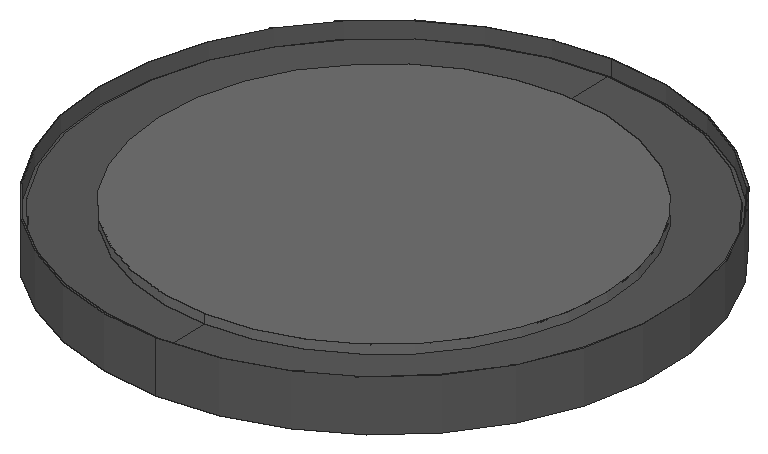
Revit family "Heater-Bromic-Eclipse-Electric-Ceiling-Mounted_AU", category Mechanical Equipment, host Face, Revit 2020
Family settings
  Host = Face
  Round Connector Dimension = Use Diameter
  Classification = None
  Part Type = Normal
  OmniClass Number = 23.75.10.14
  OmniClass Title = Independent Electric Heating Units
  Cut with Voids When Loaded = No
  Shared = No
  Room Calculation Point = No
Parameters (values of type "Eclipse Electric - Ceiling Mounted")
  visSingleStraightPole [instance] = MountTypeSelector < 4  # yes
  visRoundCeilingRose [instance] = not(MountTypeSelector = 4)  # yes
  calcSideClearances = 700.024 mm + 457.2 mm + 457.2 mm  # 1614.424 mm
  calcHostOffset [instance] = if(MountTypeSelector < 2, 203 mm, if(MountTypeSelector = 3, 1219 mm, 610 mm))  # 203 mm
  calcEngagementLength [instance] = if(MountTypeSelector < 3, 27 mm, if(MountTypeSelector = 4, 32 mm, 30.5 mm))  # 27 mm
  calcCeilingRoseDepth [instance] = if(MountTypeSelector > 4, 13 mm, 15 mm)  # 15 mm
  Wattage = 3000 W  # constant formula
  Voltage = 240 V
  ProductCode = "BH0920001-1"  # constant formula
  Product data url = "https://www.bimobject.com/bromic-heating/product/eclipse-smart-heat-electric"
  Power Factor = 1
  Mounting Type Info [instance] = if(MountTypeSelector = 1, "Eclipse 200mm Straight Pole", if(MountTypeSelector = 2, "Eclipse 600mm Straight Pole", if(MountTypeSelector = 3, "Eclipse 1200mm Straight Pole", if(MountTypeSelector = 4, "Eclipse 600mm Twin Pole", "Eclipse Curved Pole"))))  # "Eclipse 200mm Straight Pole"
  Mounting Type [instance] = Pole : Eclipse 200mm Straight Pole
  Material = Metal-Steel-Bromic-Black
  Height [instance] = if(MountTypeSelector < 2, 203.2 mm, if(MountTypeSelector = 3, 1219.2 mm, 609.6 mm))  # 203.2 mm
  Frequency = 60 Hz
  Diameter = 711.2 mm  # constant formula
  Approximate Heat Area = 11 m²  # constant formula
  Apparent Load = 3000 VA  # constant formula
  200mm Straight Pole_parameter = Pole : Eclipse 200mm Straight Pole
  1200mm Straight Pole_parameter = Pole : Eclipse 1200mm Straight Pole
  600mm Twin Pole_parameter = Pole : Eclipse 600mm Twin Pole
  600mm Straight Pole_parameter = Pole : Eclipse 600mm Straight Pole
  600mm Curved Pole_parameter = Pole : Eclipse Curved Pole
  Utility = no
  URL = "https://www.bromic.com.au/product/eclipse-smart-heat-electric/"
  SideClearance = 457.2 mm  # constant formula
  Show Clearance [instance] = no
  Number of Poles = 1
  MountTypeSelector [instance] = if([1 = 200mm Straight Pole], 1, if([2 = 600mm Straight Pole], 2, if([3 = 1200mm Straight Pole], 3, if([4 = 600mm Twin Pole], 4, 5))))  # 1
  Model = "Eclipse Smart-Heat™ Electric"  # constant formula
  Manufacturer = "Bromic Heating"  # constant formula
  Load Sub-Classification Motor = no
  Load Classification = Other
  FloorClearance = 2438.4 mm  # constant formula
  Description = "The Eclipse Smart-Heat Electric heater is equipped with 3 different heat outputs up to 2900W and a dimmable LED light railing. Available in six unique mounting options, the Eclipse Smart-Heat™ series adds style, warmth and light to design-focused outdoor spaces."  # constant formula
  Default Elevation = 0 mm
  Connector Description = ""
  5 = 600mm Curved Pole [instance] = Mounting Type = [600mm Curved Pole_parameter]  # no
  4 = 600mm Twin Pole [instance] = Mounting Type = [600mm Twin Pole_parameter]  # no
  3 = 1200mm Straight Pole [instance] = Mounting Type = [1200mm Straight Pole_parameter]  # no
  2 = 600mm Straight Pole [instance] = Mounting Type = [600mm Straight Pole_parameter]  # no
  1 = 200mm Straight Pole [instance] = Mounting Type = [200mm Straight Pole_parameter]  # yes
Reference planes
  plane 1 "Center (Front/Back)": y = 0
  plane 2: z = 0
  plane 3 "Center (Left/Right)": x = 0
  plane 4 "Heater": z = 92.5
  plane 5: z = 15
  plane 6: z = 119.5
  plane 7: z = 203
  plane 8: z = 38.5
  plane 9: z = 2641.4
  plane 10: x = 807.212
  plane 11: x = -807.212
  plane 12: y = 807.212
  plane 13: y = -807.212
Forms (mm)
  Extrusion 1, solid, material "Metal-Steel-Bromic-Black" <- "Material", visible <- "visRoundCeilingRose", detail levels coarse
    sketch origin (0, 0, 92.5) x (-1, 0, 0) y (0, -1, 0)
      loop
        circle (0, 0) r 55
    from -92.5 to -77.5
  Extrusion 2, solid, material "Metal-Steel-Bromic-Black" <- "Material", visible <- "visSingleStraightPole"
    sketch origin (0, 0, 92.5) x (-1, 0, 0) y (0, -1, 0)
      loop
        circle (0, 0) r 21.35
    from -77.5 to 27
  Revolve 3, solid, material "Metal-Steel-Bromic-Black" <- "Material", visible <- "visRoundCeilingRose", detail levels medium+fine
    sketch origin (0, 0, 0) x (1, 0, 0) y (0, 0, 1)
      loop
        line (-55, 0) -> (0, 0) -> (0, 15) -> (-52.5, 15)
        arc (-52.5, 15) -> (-54.268, 14.268) -> (-55, 12.5) r 2.5
        line (-55, 12.5) -> (-55, 0)
      axis (0, 15) -> (0, 0)
    angle from 0 to 360
  Sweep 4, solid, material "Metal-Steel-Bromic-Black" <- "Material", visible <- "5 = 600mm Curved Pole"
    path origin (0, 0, 0) x (1, 0, 0) y (0, 0, 1)
      loop
        line (-21.359, 15) -> (-21.359, 38.265)
        spline (-21.359, 38.265) -> (18.816, 78.175) -> (46.449, 120.27) -> (63.621, 162.616) -> (72.411, 203.283) -> (74.811, 240.563) -> (72.062, 274.628) -> (65.028, 306.592) -> (54.572, 337.574) -> (41.527, 368.71) -> (25.626, 401.724) -> (5.236, 439.075) -> (-21.359, 483.265)
        line (-21.359, 483.265) -> (-21.359, 531.1)
    profile origin (-21.359, 0, 26.633) x (-1, 0, 0) y (0, -1, 0)
      loop
        circle (-21.35, 0) r 21.35
  Extrusion 5, solid, material "Metal-Steel-Bromic-Black" <- "Material", visible <- "4 = 600mm Twin Pole"
    sketch origin (0, 0, 92.5) x (-1, 0, 0) y (0, -1, 0)
      loop
        circle (16.8, 0) r 10.75
      loop
        circle (-16.8, 0) r 10.75
    from -77.5 to -54
  Extrusion 6, solid, material "Metal-Steel-Bromic-Black" <- "Material", visible <- "4 = 600mm Twin Pole"
    sketch origin (0, 0, 92.5) x (-1, 0, 0) y (0, -1, 0)
      loop
        line (-27.5, -38.5) -> (27.5, -38.5)
        arc (27.5, -38.5) -> (66, 0) -> (27.5, 38.5) r 38.5
        line (27.5, 38.5) -> (-27.5, 38.5)
        arc (-27.5, 38.5) -> (-66, 0) -> (-27.5, -38.5) r 38.5
    from -92.5 to -77.5
  Extrusion 7, solid, material "Metal-Steel-Bromic-Black" <- "Material", visible <- "4 = 600mm Twin Pole"
    sketch origin (0, 0, 0) x (1, 0, 0) y (0, 1, 0)
      loop
        arc (-27.5, 22) -> (-49.5, 0) -> (-27.5, -22) r 22
        line (-27.5, -22) -> (27.5, -22)
        arc (27.5, -22) -> (49.5, 0) -> (27.5, 22) r 22
        line (27.5, 22) -> (-27.5, 22)
    from 38.5 to 119.5
  Extrusion 8, solid, material "Clearance Zone", visible <- "Show Clearance"
    sketch origin (0, 0, 92.5) x (-1, 0, 0) y (0, -1, 0)
      loop
        circle (0, 0) r 807.212
    from -92.5 to 2548.9
Cuts and joins
  joined: Extrusion 5, Extrusion 6, Extrusion 7
Lines and regions (mm)
  Masking region 1
    outline origin (0, 0, 92.5) x (-1, 0, 0) y (0, -1, 0)
      loop
        circle (0, 0) r 350
  symbolic lines, style "Clearance", visible <- "Show Clearance"
    curve 1: circle (0, 0, 92.5) r 807.212 normal (0, 0, 1)
    curve 2: line (-807.212, 0, 2641.4) -> (807.212, 0, 2641.4)
    curve 3: line (-807.212, 0, 0) -> (-807.212, 0, 2641.4)
    curve 4: line (807.212, 0, 0) -> (-807.212, 0, 0)
    curve 5: line (807.212, 0, 2641.4) -> (807.212, 0, 0)
    curve 6: line (0, 807.212, 2641.4) -> (0, -807.212, 2641.4)
    curve 7: line (0, 807.212, 0) -> (0, 807.212, 2641.4)
    curve 8: line (0, -807.212, 0) -> (0, 807.212, 0)
    curve 9: line (0, -807.212, 2641.4) -> (0, -807.212, 0)
  symbolic lines, detail levels medium+fine
    curve 10: circle (0, 0, 92.5) r 89.845 normal (0, 0, 1)
    curve 11: circle (0, 0, 92.5) r 77.845 normal (0, 0, 1)
    curve 12: circle (0, 0, 92.5) r 57.529 normal (0, 0, 1)
Dimensions and locks
  "calcCeilingRoseDepth": plane 5 to plane 2
  "calcEngagementLength": plane 6 to plane 4 "Heater"
  "calcHostOffset": plane 7 to plane 2
  locked: plane 7 to plane 4 "Heater" at 110.5
  locked: plane 3 "Center (Left/Right)" to Revolve 3 sketch curve at 55
  Sweep 4 sketch curve to Sweep 4 sketch curve to Sweep 4 sketch curve to plane 5 = 47.835 mm locked, 445 mm locked, 23.265 mm locked
  locked: Extrusion 5 sketch curve to plane 3 "Center (Left/Right)" at 16.8
  locked: plane 3 "Center (Left/Right)" to Extrusion 5 sketch curve at 16.8
  locked: plane 6 to plane 8 at 81
  "FloorClearance": plane 9 to plane 7
  equal spacing: plane 10, plane 3 "Center (Left/Right)", plane 11
  "calcSideClearances": plane 10 to plane 11
  equal spacing: plane 13, plane 1 "Center (Front/Back)", plane 12
  equal spacing: plane 11, plane 3 "Center (Left/Right)", plane 10
  "calcSideClearances": plane 13 to plane 12
  radius of Extrusion 2 sketch curve = 21.35 mm
  radius of Revolve 3 sketch curve = 2.5 mm
  "calcSideClearances": diameter of Extrusion 8 sketch curve
  aligned and locked: plane 2 to host face
  aligned and locked: level to host face
  aligned and locked: plane 1 "Center (Front/Back)" to nested 1
  aligned and locked: plane 3 "Center (Left/Right)" to nested 1
  aligned and locked: plane 1 "Center (Front/Back)" to Extrusion 1 sketch curve
  aligned and locked: plane 3 "Center (Left/Right)" to Extrusion 1 sketch curve
  aligned and locked: Extrusion 1 to plane 2
  aligned and locked: plane 5 to Extrusion 1
  aligned and locked: plane 1 "Center (Front/Back)" to Extrusion 2 sketch curve
  aligned and locked: plane 3 "Center (Left/Right)" to Extrusion 2 sketch curve
  aligned and locked: Extrusion 2 to plane 5
  aligned and locked: plane 6 to Extrusion 2
  aligned and locked: Revolve 3 sketch curve to plane 2
  aligned and locked: Revolve 3 sketch curve to plane 5
  aligned and locked: Revolve 3 sketch curve to plane 3 "Center (Left/Right)"  (x2)
  aligned and locked: plane 5 to Sweep 4 sketch curve
  aligned and locked: plane 1 "Center (Front/Back)" to Extrusion 5 sketch curve  (x2)
  aligned and locked: plane 8 to Extrusion 5
  aligned and locked: Extrusion 5 to plane 5
  aligned and locked: plane 5 to Extrusion 6
  aligned and locked: Extrusion 6 to plane 2
  aligned and locked: plane 6 to Extrusion 7
  aligned and locked: Extrusion 7 to plane 8
  aligned and locked: plane 3 "Center (Left/Right)" to Extrusion 8 sketch curve
  aligned and locked: plane 1 "Center (Front/Back)" to Extrusion 8 sketch curve
  aligned and locked: plane 9 to Extrusion 8
  aligned and locked: Extrusion 8 to plane 2
  aligned and locked: curve 1 to Extrusion 8
  aligned and locked: curve 2 to plane 9
  aligned and locked: curve 5 to plane 10
  aligned and locked: plane 11 to curve 3
  aligned and locked: plane 2 to curve 4
  aligned and locked: curve 6 to plane 9
  aligned and locked: plane 12 to curve 7
  aligned and locked: curve 9 to plane 13
  aligned and locked: plane 2 to curve 8
Automatic sketch dimensions
  host sketch curve to host sketch curve = 2438.4 mm  (x2)
  Revolve 3 sketch curve to Revolve 3 sketch curve = 23.554 mm
  Revolve 3 sketch curve to Revolve 3 sketch curve = 35 mm
  plane 1 "Center (Front/Back)" to Sweep 4 sketch curve = 0 mm
  profile plane to Sweep 4 sketch curve = 21.35 mm
  Sweep 4 sketch curve to plane 3 "Center (Left/Right)" = 21.359 mm
  plane 1 "Center (Front/Back)" to Extrusion 6 sketch curve = 0 mm
  plane 3 "Center (Left/Right)" to Extrusion 6 sketch curve = 27.5 mm
  Extrusion 6 sketch curve to plane 3 "Center (Left/Right)" = 27.5 mm
  Extrusion 6 sketch curve to Extrusion 6 sketch curve = 38.5 mm
  plane 1 "Center (Front/Back)" to Extrusion 7 sketch curve = 0 mm
  Extrusion 7 sketch curve to plane 3 "Center (Left/Right)" = 27.5 mm
  plane 3 "Center (Left/Right)" to Extrusion 7 sketch curve = 27.5 mm
  Extrusion 7 sketch curve to Extrusion 7 sketch curve = 22 mm
  plane 1 "Center (Front/Back)" to Masking region 1 sketch curve = 0 mm
  Masking region 1 sketch curve to plane 3 "Center (Left/Right)" = 0 mm
  curve 1 to curve 10 = 0 mm  (x2)
  curve 1 to curve 11 = 0 mm  (x2)
  curve 1 to curve 12 = 0 mm  (x2)
  radius of Extrusion 1 sketch curve = 55 mm
  radius of Sweep 4 sketch curve = 21.35 mm
  radius of Extrusion 5 sketch curve = 10.75 mm  (x2)
  radius of Masking region 1 sketch curve = 350 mm
  radius of curve 10 = 89.845 mm
  radius of curve 11 = 77.845 mm
  radius of curve 12 = 57.529 mm
Nested families
  nested 1: "X_Bromic_Eclipse_Head" at (0, 0, 92.5), type "Standard"
    with Show Heater On no, Show Heater Off yes
Connectors
  electrical at (0, 0, 0), driven by "Voltage", driven by "Power Factor", driven by "Number of Poles", driven by "Load Classification", driven by "Load Sub-Classification Motor", driven by "Apparent Load", driven by "Utility", driven by "Connector Description"
    settings: on Revolve 3, index 1, voltage 240 V, apparent load 0 VA, apparent load phase1 3000 VA, apparent load phase2 0 VA, apparent load phase3 0 VA, power factor 1, load classification "Other", number of poles 1, system type 31, power factor state 1, is connector primary yes, connector utility no, sub classification motor no, connector description ""
Definition of nested family "X_Bromic_Eclipse_Head"
  Parameters (values of type "Standard")
    Show Heater On [instance] = yes
    Show Heater Off [instance] = not(Show Heater On)  # no
    Material = none
    Default Elevation = 1219.2 mm
  Reference planes
    plane 1 "Center (Front/Back)": y = 0
    plane 2: z = 0
    plane 3 "Center (Left/Right)": x = 0
  Forms (mm)
    Extrusion 1, solid
      sketch origin (0, 0, 0) x (1, 0, 0) y (0, 1, 0)
        loop
          line (-1219.2, 1219.2) -> (-1219.2, -1219.2) -> (1219.2, -1219.2) -> (1219.2, 1219.2) -> (-1219.2, 1219.2)
      from 0 to -304.8
    Revolve 2, solid, material <- "Material", detail levels medium+fine
      sketch origin (0, 1632.698, 2242.5) x (0, 1, 0) y (0, 0, -1)
        loop
          line (-1632.698, 2242.5) -> (-1632.698, 2149.5) -> (-1288.798, 2149.5) -> (-1288.798, 2152) -> (-1283.698, 2152) -> (-1283.698, 2132) -> (-1282.698, 2132) -> (-1282.698, 2195.5) -> (-1542.854, 2195.5) -> (-1554.854, 2207.5) -> (-1575.169, 2207.5) -> (-1575.169, 2209.5) -> (-1614.7, 2209.5) -> (-1614.7, 2242.5) -> (-1632.698, 2242.5)
        axis (-1632.698, 2132) -> (-1632.698, 2242.5)
      angle from 0 to 360
    Extrusion 3, solid, material <- "Material", detail levels coarse
      sketch origin (0, 0, 0) x (1, 0, 0) y (0, 1, 0)
        loop
          circle (0, 0) r 350
      from 47 to 110.5
    Extrusion 4, solid, material <- "Material", detail levels coarse
      sketch origin (0, 0, 0) x (1, 0, 0) y (0, 1, 0)
        loop
          circle (0, 0) r 17.998
      from 0 to 47
    Extrusion 5, solid, visible <- "Show Heater On", detail levels medium+fine
      sketch origin (0, 0, 0) x (1, 0, 0) y (0, 1, 0)
        loop
          circle (0, 0) r 275.006
      from 93 to 104
    Extrusion 6, solid, visible <- "Show Heater Off", detail levels medium+fine
      sketch origin (0, 0, 0) x (1, 0, 0) y (0, 1, 0)
        loop
          circle (0, 0) r 275.006
      from 93 to 104
  Dimensions and locks
    aligned and locked: plane 2 to Extrusion 1
    aligned and locked: level to Extrusion 1
    aligned and locked: Revolve 2 sketch curve to Revolve 2 sketch curve
    aligned and locked: Extrusion 4 to Revolve 2
